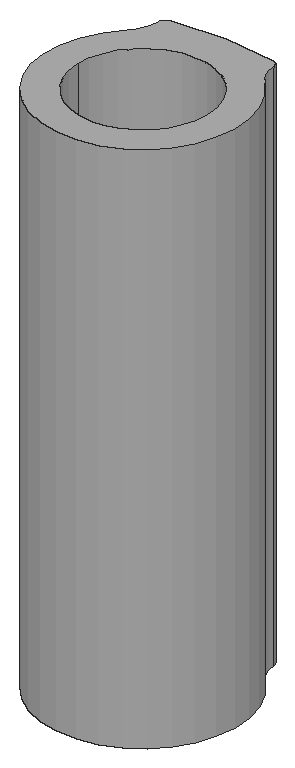
Revit family "PRD_FrankeWS_WshbsnMnlWtrSpplSts_SocketForIncreasingTheTapBody_ACLM1010", category Specialty Equipment, Revit 2018
Family settings
  Round Connector Dimension = Use Diameter
  Part Type = Normal
  OmniClass Number = 23.45.05.14.99
  OmniClass Title = Other Sanitary Washing Plumbing Fixtures
  Work Plane-Based = Yes
  Always vertical = Yes
  Cut with Voids When Loaded = No
  Shared = No
  Room Calculation Point = No
Parameters (values of type "ACLM1010")
  WarrantyStartDate [instance] = "1900-12-31T23:59:59"
  WarrantyGuarantorParts = "n/a"
  WarrantyGuarantorLabor = "n/a"
  WarrantyDurationUnit = "year"
  WarrantyDurationParts = "n/a"
  WarrantyDurationLabor = "n/a"
  WarrantyDescription = "n/a"
  Version = "1"
  Uniclass2015Version = "Products v1.17"
  Uniclass2015Title = "Washbasin manual water supply sets"
  Uniclass2015Code = "Pr_40_20_87_96"
  URL = "www.kwc.com"
  TagNumber [instance] = "n/a"
  SustainabilityPerformance = "n/a"
  Status = "New"
  Size = "50 x 140 x 52 mm (W x H x D)"
  Shape = "cylinder"
  SerialNumber [instance] = "n/a"
  Revision = "n/a"
  ReplacementCost = "n/a"
  Reference = "n/a"
  QuantityUom = "Piece"
  Quantity = "1"
  ProductInformation = "https://pim.kwc.com/product/2030041325/attachment/datasheet?locale=en"
  NominalWidth = 50 mm
  NominalLength = 140 mm
  NominalHeight = 140 mm
  NominalDepth = 52 mm
  NetWeight = 1.10 kg
  Name = "Socket for increasing the tap body ACLM1010"
  NBSTypeID = "n/a"
  NBSReference = "45-35-70/371"
  NBSOfficeMasterTag = "n/a"
  NBSNote = "n/a"
  NBSDescription = "Water supply fittings for wash basins and troughs"
  NBSCertification = "n/a"
  ModelReference = "ACLM1010"
  ModelNumber = "2030041325"
  Model = ModelReference  # "ACLM1010"
  Material = "brass"
  ManufacturerURL = "www.kwc.com"
  ManufacturerName = "KWC Group AG"  # constant formula
  Manufacturer = ManufacturerName  # "KWC Group AG"
  IntegralAccessories = "n/a"
  InstallationDate [instance] = "1900-12-31T23:59:59"
  IfcExportType = "USERDEFINED"
  IfcExportAs = "IfcSanitaryTerminal"
  GrossWeight = 1.19 kg
  Grade = "n/a"
  Finish = "polished"
  Features = "polished chromium-plated brass"
  ExpectedLife = "n/a"
  DurationUnit = "year"
  Description = "Socket for heightening of fitting housing at 140 mm, for F5L-Mix single-lever pillar mixer. Polished chromium-plated brass."
  Default Elevation = 1219.2 mm
  CreatedOn = "04/2021"  # constant formula
  Constituents = "n/a"
  Color = "n/a"
  CodePerformance = "n/a"
  Category = "Pr_40_20_87_96, Washbasin manual water supply sets"
  BodyMaterial = PRD_AR_ChromatedBrass_HighPolished
  BarCode [instance] = "n/a"
  BIMObjectName = "PRD_AR_WashbasinManualWaterSupplySets_SocketForIncreasingTheTapBody_ACLM1010"
  Author = "Archispace"  # constant formula
  AssetType = "Fixed"
  AssetIdentifier [instance] = "n/a"
  AccessibilityPerformance = "n/a"
Reference planes
  plane 1 "Center (Front/Back)": y = 0
  plane 2: z = 0
  plane 3 "Center (Left/Right)": x = 0
Forms (mm)
  Extrusion 1, solid, material "PRD_AR_ChromatedBrass_HighPolished" <- "BodyMaterial", detail levels fine
    sketch origin (0, 0, 0) x (1, 0, 0) y (0, 1, 0)
      loop
        arc (-17.843, 17.51) -> (0, -25) -> (17.843, 17.51) r 25
        arc (17.843, 17.51) -> (15.835, 20.47) -> (14.997, 23.947) r 10
        arc (14.997, 23.947) -> (14.498, 25.158) -> (13.356, 25.801) r 2
        arc (13.356, 25.801) -> (0, 27) -> (-13.356, 25.801) r 75
        arc (-13.356, 25.801) -> (-14.498, 25.158) -> (-14.997, 23.947) r 2
        arc (-14.997, 23.947) -> (-15.835, 20.47) -> (-17.843, 17.51) r 10
      loop
        circle (0, 0) r 17.05
    from 0 to 140
  Extrusion 2, solid, material "PRD_AR_ChromatedBrass_HighPolished" <- "BodyMaterial", detail levels coarse+medium
    sketch origin (0, 0, 0) x (1, 0, 0) y (0, 1, 0)
      loop
        line (-25, -25) -> (25, -25) -> (25, 27) -> (-25, 27) -> (-25, -25)
    from 0 to 140
Dimensions and locks
  aligned and locked: level to plane 2
